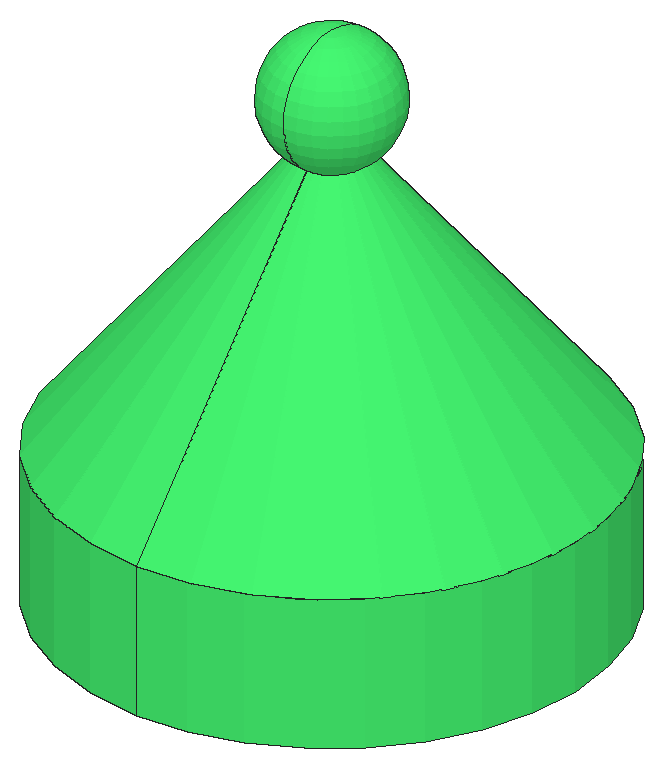
Revit family
Reference planes
  plane 1 "중심(앞/뒤)": y = 0
  plane 2: z = 0
  plane 3 "중심(왼쪽/오른쪽)": x = 0
Forms (mm)
  Revolve 1, solid, material "잠금"
    sketch origin (0, 0, 0) x (0, 1, 0) y (0, 0, 1)
      loop
        arc (16.716, -26.993) -> (30.538, 8.69) -> (0, 31.75) r 31.75
        line (0, 31.75) -> (0, -234.116) -> (127.878, -234.116) -> (127.878, -164.266) -> (16.716, -26.993)
      axis (0, -234.116) -> (0, 31.75)
    angle from 0 to 360
